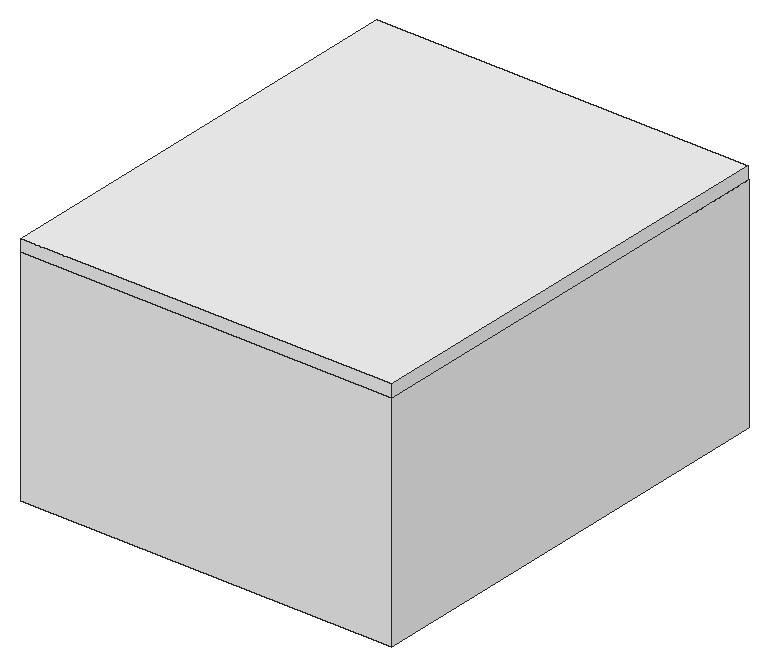
Revit family "NBS_AndersonGECLtd_KtchnStrgUnits_WallCabinet", category Casework, host Face, Revit 2017
Family settings
  Host = Face
  Cut with Voids When Loaded = No
  Shared = No
  Room Calculation Point = No
Parameters (values of type "600x380mm")
  Width = CabinetWidth  # 600 mm
  WarrantyStartDate [instance] = "1900-12-31T23:59:59"
  WarrantyGuarantorParts = "n/a"
  WarrantyGuarantorLabor = "n/a"
  WarrantyDurationUnit = "year"
  WarrantyDurationParts = "n/a"
  WarrantyDurationLabor = "n/a"
  WarrantyDescription = "n/a"
  Version = "1"  # constant formula
  Uniclass2015Version = "Products v1.11"
  Uniclass2015Title = "Kitchen storage units"
  Uniclass2015Code = "Pr_40_30_78_45"
  TagNumber [instance] = "n/a"
  SustainabilityPerformance = "100% Recyclable"
  Style = "Wall cabinet"
  Status = "New"
  Size = "600 x 380 x 720 mm"
  Shape = "Rectangle"
  SerialNumber [instance] = "n/a"
  Revision = "n/a"
  ReplacementCost = "n/a"
  Reference = "n/a"
  ProductInformation = "http://www.gecanderson.co.uk/product/made-to-measure/cabinets-and-doors/wall-cabinets.html"
  NominalWidth = CabinetWidth  # 600 mm
  NominalLength = 100 mm
  NominalHeight = CabinetHeight  # 720 mm
  NominalDepth = CabinetDepth + CabinetDoorThickness  # 380 mm
  Name = "KitchenStorageUnits_WallCabinet_600x380mm_AndersonGECLtd"
  NBSReference = "45-35-80/340"
  NBSDescription = "Kitchen storage units"
  NBSCertification = "www.nationalbimlibrary.com/cert/zs3bibdq"
  Mounting = "Wall-fixed with up to 100 mm clearance"
  ModelReference = "Wall cabinet"
  ModelNumber = "V81"
  Material = "Stainless steel"
  ManufacturerURL = "www.gecanderson.co.uk"
  ManufacturerName = "Anderson, GEC Ltd"  # constant formula
  Manufacturer = "info@gecanderson.co.uk"  # constant formula
  MainColor = "n/a"
  IsSingleDoor = not(IsDoubleDoor)  # yes
  IsDoubleDoor = or(CabinetWidth = 800 mm, CabinetWidth > 800 mm)  # no
  IsBuiltIn = yes
  IntegralAccessories = "Key operated lock, excluding handle"
  InstallationDate [instance] = "1900-12-31T23:59:59"
  IfcExportType = "CABINET"  # constant formula
  IfcExportAs = "IfcFurnitureType"  # constant formula
  HingeHoleOptions = "Standard hinges, non-standard hinges"
  Height = CabinetHeight  # 720 mm
  HandleOptions = "Integral handle, excluding handle, back-slope edge"
  Grade = "n/a"
  GlazingOptions = "Clear, frosted, wired door with stainless steel frame"
  Form = "Fixed wall cabinet"
  Finish = "Stainless steel"
  Features = "Multiple handles, size range available"
  ExpectedLife = "30 years"
  DurationUnit = "year"
  DoorsEdges = "Back-slope"
  Description = "Wall-hung stainless steel base cabinets suitable for many environments and offer good stability and sound absorption"
  Depth = CabinetDepth  # 360 mm
  Default Elevation = 1400 mm
  Core = "Fire-retardant core for fire-sensitive areas"
  Constituents = "n/a"
  ComponentNumber [instance] = "n/a"
  Color = "n/a"
  CodePerformance = "n/a"
  Category = "Pr_40_30_78_45:Kitchen storage units"
  CabinetWidth = 600 mm
  CabinetNumber [instance] = "n/a"
  CabinetMaterial = NBS_Concept
  CabinetHeight = 720 mm
  CabinetDoorThickness = 20 mm  # constant formula
  CabinetDoorMaterial = NBS_Concept
  CabinetDepth = 360 mm
  BarCode [instance] = "n/a"
  BIMObjectName = "NBS_AndersonGECLtd_KitchenStorageUnits_WallCabinet-1Door_600x380mm"
  Author = "NBS"  # constant formula
  AssetType = "Fixed"
  AssetIdentifier [instance] = "n/a"
  AccessibilityPerformance = "n/a"
Reference planes
  plane 1 "Center (Front/Back)": y = 0
  plane 2: z = 0
  plane 3 "Center (Left/Right)": x = 0
  plane 4 "Left": x = -300
  plane 5 "Right": x = 300
  plane 6 "Top": y = 360
  plane 7 "Bottom": y = -360
  plane 8: x = -280
  plane 9: y = 340
  plane 10: x = 280
  plane 11: y = -340
  plane 12: z = 20
  plane 13 "DoorFront": z = 380
  plane 14 "Front": z = 360
Forms (mm)
  Extrusion 1, solid, material "NBS_Concept" <- "CabinetMaterial", detail levels medium+fine
    sketch origin (0, 0, 0) x (1, 0, 0) y (0, 1, 0)
      loop
        line (-300, 360) -> (-300, -360) -> (300, -360) -> (300, 360) -> (-300, 360)
    from 0 to 360
  Extrusion 2, void
    sketch origin (0, 0, 0) x (1, 0, 0) y (0, 1, 0)
      loop
        line (-280, 340) -> (-280, -340) -> (280, -340) -> (280, 340) -> (-280, 340)
    from 20 to 360
  Extrusion 3, solid, material "NBS_Concept" <- "CabinetMaterial", detail levels coarse
    sketch origin (0, 0, 0) x (1, 0, 0) y (0, 1, 0)
      loop
        line (-300, 360) -> (-300, -360) -> (300, -360) -> (300, 360) -> (-300, 360)
    from 0 to 360
  Extrusion 4, solid, material "NBS_Concept" <- "CabinetDoorMaterial", visible <- "IsSingleDoor"
    sketch origin (0, 0, 380) x (-1, 0, 0) y (0, -1, 0)
      loop
        line (300, -360) -> (300, 360) -> (-300, 360) -> (-300, -360) -> (300, -360)
    from 0 to -20
  Extrusion 5, solid, material "NBS_Concept" <- "CabinetDoorMaterial", visible <- "IsDoubleDoor"
    sketch origin (0, 0, 380) x (-1, 0, 0) y (0, -1, 0)
      loop
        line (300, -360) -> (300, 360) -> (0, 360) -> (0, -360) -> (300, -360)
    from 0 to -20
  Extrusion 6, solid, material "NBS_Concept" <- "CabinetDoorMaterial", visible <- "IsDoubleDoor"
    sketch origin (0, 0, 380) x (-1, 0, 0) y (0, -1, 0)
      loop
        line (0, -360) -> (0, 360) -> (-300, 360) -> (-300, -360) -> (0, -360)
    from 0 to -20
Cuts and joins
  Extrusion 2 cuts Extrusion 1
Lines and regions (mm)
  Masking region 1
    outline origin (0, 0, 0) x (1, 0, 0) y (0, 0, 1)
      loop
        line (-300, 380) -> (-300, 0) -> (300, 0) -> (300, 380) -> (-300, 380)
  symbolic lines
    curve 1: line (-300, 0, 380) -> (300, 0, 0)
    curve 2: line (-300, 0, 0) -> (300, 0, 380)
  symbolic lines, style "Plan Swing", visible <- "IsSingleDoor"
    curve 3: arc (300, 0, 380) -> (294.867, 0, 458.316) -> (279.555, 0, 535.291) r 600
    curve 4: line (-300, 0, 380) -> (279.555, 0, 535.291)
  symbolic lines, style "Plan Swing", visible <- "IsDoubleDoor"
    curve 5: arc (0, 0, 380) -> (-2.567, 0, 419.158) -> (-10.222, 0, 457.646) r 300
    curve 6: arc (10.222, 0, 457.646) -> (2.567, 0, 419.158) -> (0, 0, 380) r 300
    curve 7: line (-300, 0, 380) -> (-10.222, 0, 457.646)
    curve 8: line (300, 0, 380) -> (10.222, 0, 457.646)
  symbolic lines, style "Elevation Swing", visible <- "IsDoubleDoor"
    curve 9: line (-300, 0, 0) -> (0, 360, 0)
    curve 10: line (-300, 0, 0) -> (0, -360, 0)
    curve 11: line (300, 0, 0) -> (0, 360, 0)
    curve 12: line (300, 0, 0) -> (0, -360, 0)
  symbolic lines, style "Elevation Swing", visible <- "IsSingleDoor"
    curve 13: line (-300, 0, 0) -> (300, 360, 0)
    curve 14: line (-300, 0, 0) -> (300, -360, 0)
Dimensions and locks
  equal spacing: plane 4 "Left", plane 3 "Center (Left/Right)", plane 5 "Right"
  "CabinetWidth": plane 4 "Left" to plane 5 "Right"
  equal spacing: plane 7 "Bottom", plane 1 "Center (Front/Back)", plane 6 "Top"
  "CabinetHeight": plane 7 "Bottom" to plane 6 "Top"
  locked: plane 4 "Left" to plane 8 at 20
  locked: plane 10 to plane 5 "Right" at 20
  locked: plane 6 "Top" to plane 9 at 20
  locked: plane 7 "Bottom" to plane 11 at 20
  locked: plane 12 to level at 20
  "CabinetDepth": plane 14 "Front" to level
  "CabinetDoorThickness": plane 13 "DoorFront" to plane 14 "Front"
  locked: plane 13 "DoorFront" to curve 4 (angle 15.00°)
  locked: plane 13 "DoorFront" to curve 7 (angle 15.00°)
  locked: curve 8 to plane 13 "DoorFront" (angle 15.00°)
  aligned and locked: plane 2 to host face
  aligned and locked: level to host face
  aligned and locked: Extrusion 1 sketch curve to plane 4 "Left"
  aligned and locked: plane 5 "Right" to Extrusion 1 sketch curve
  aligned and locked: Extrusion 1 sketch curve to plane 6 "Top"
  aligned and locked: plane 7 "Bottom" to Extrusion 1 sketch curve
  aligned and locked: Extrusion 2 sketch curve to plane 8
  aligned and locked: plane 10 to Extrusion 2 sketch curve
  aligned and locked: Extrusion 2 sketch curve to plane 9
  aligned and locked: plane 11 to Extrusion 2 sketch curve
  aligned and locked: Extrusion 2 to plane 12
  aligned and locked: plane 14 "Front" to Extrusion 1
  aligned and locked: Extrusion 1 to Extrusion 2
  aligned and locked: Extrusion 3 sketch curve to plane 4 "Left"
  aligned and locked: plane 5 "Right" to Extrusion 3 sketch curve
  aligned and locked: Extrusion 3 sketch curve to plane 6 "Top"
  aligned and locked: plane 7 "Bottom" to Extrusion 3 sketch curve
  aligned and locked: plane 14 "Front" to Extrusion 3
  aligned and locked: Extrusion 4 sketch curve to plane 4 "Left"
  aligned and locked: plane 5 "Right" to Extrusion 4 sketch curve
  aligned and locked: Extrusion 4 sketch curve to plane 6 "Top"
  aligned and locked: plane 7 "Bottom" to Extrusion 4 sketch curve
  aligned and locked: Extrusion 5 sketch curve to plane 4 "Left"
  aligned and locked: Extrusion 5 sketch curve to plane 6 "Top"
  aligned and locked: plane 7 "Bottom" to Extrusion 5 sketch curve
  aligned and locked: Extrusion 5 sketch curve to plane 3 "Center (Left/Right)"
  aligned and locked: Extrusion 6 sketch curve to plane 3 "Center (Left/Right)"
  aligned and locked: plane 5 "Right" to Extrusion 6 sketch curve
  aligned and locked: Extrusion 6 sketch curve to plane 6 "Top"
  aligned and locked: plane 7 "Bottom" to Extrusion 6 sketch curve
  aligned and locked: Extrusion 5 to plane 14 "Front"
  aligned and locked: Extrusion 4 to plane 14 "Front"
  aligned and locked: Extrusion 6 to plane 14 "Front"
  aligned and locked: Masking region 1 sketch curve to plane 4 "Left"
  aligned and locked: plane 5 "Right" to Masking region 1 sketch curve
  aligned and locked: Masking region 1 sketch curve to plane 13 "DoorFront"
  aligned and locked: Masking region 1 sketch curve to level
Automatic sketch dimensions
  host sketch curve to host sketch curve = 2438.4 mm  (x2)
  curve 3 to curve 5 = 0 mm  (x2)
  curve 1 to plane 4 "Left" = 0 mm
  curve 2 to level = 0 mm
  curve 2 to plane 4 "Left" = 0 mm
  curve 3 to plane 4 "Left" = 0 mm
  plane 5 "Right" to curve 6 = 0 mm
  curve 1 to level = 0 mm
  plane 5 "Right" to curve 1 = 0 mm
  plane 5 "Right" to curve 3 = 0 mm
  curve 1 to plane 13 "DoorFront" = 0 mm
  curve 2 to plane 13 "DoorFront" = 0 mm
  curve 6 to plane 13 "DoorFront" = 0 mm
  curve 6 to plane 3 "Center (Left/Right)" = 0 mm
  plane 1 "Center (Front/Back)" to curve 9 = 0 mm
  curve 9 to plane 4 "Left" = 0 mm
  curve 10 to plane 3 "Center (Left/Right)" = 0 mm
  curve 9 to plane 3 "Center (Left/Right)" = 0 mm
  curve 13 to plane 5 "Right" = 0 mm
  plane 1 "Center (Front/Back)" to curve 12 = 0 mm
  curve 12 to plane 5 "Right" = 0 mm
  curve 14 to plane 5 "Right" = 0 mm
  plane 7 "Bottom" to curve 12 = 0 mm
  plane 7 "Bottom" to curve 14 = 0 mm
  curve 9 to plane 6 "Top" = 0 mm
  curve 13 to plane 6 "Top" = 0 mm
Types in the file's own list only (5): name | Width | Size | NominalWidth | Name | IsSingleDoor | IsDoubleDoor | CabinetWidth | BIMObjectName
  400x380mm | 400 mm | "400 x 380 x 720 mm" | 400 mm | "KitchenStorageUnits_WallCabinet_400x380mm_AndersonGECLtd" | Yes | No | 400 mm | "NBS_AndersonGECLtd_KitchenStorageUnits_WallCabinet-1Door_400x380mm"
  500x380mm | 500 mm | "500 x 380 x 720 mm" | 500 mm | "KitchenStorageUnits_WallCabinet_500x380mm_AndersonGECLtd" | Yes | No | 500 mm | "NBS_AndersonGECLtd_KitchenStorageUnits_WallCabinet-1Door_500x380mm"
  800x380mm | 800 mm | "800 x 380 x 720 mm" | 800 mm | "KitchenStorageUnits_WallCabinet_800x380mm_AndersonGECLtd" | No | Yes | 800 mm | "NBS_AndersonGECLtd_KitchenStorageUnits_WallCabinet-2Door_800x380mm"
  1000x380mm | 1000 mm | "1000 x 380 x 720 mm" | 1000 mm | "KitchenStorageUnits_WallCabinet_1000x380mm_AndersonGECLtd" | No | Yes | 1000 mm | "NBS_AndersonGECLtd_KitchenStorageUnits_WallCabinet-2Door_1000x380mm"
  1200x380mm | 1200 mm | "1200 x 380 x 720 mm" | 1200 mm | "KitchenStorageUnits_WallCabinet_1200x380mm_AndersonGECLtd" | No | Yes | 1200 mm | "NBS_AndersonGECLtd_KitchenStorageUnits_WallCabinet-2Door_1200x380mm"
